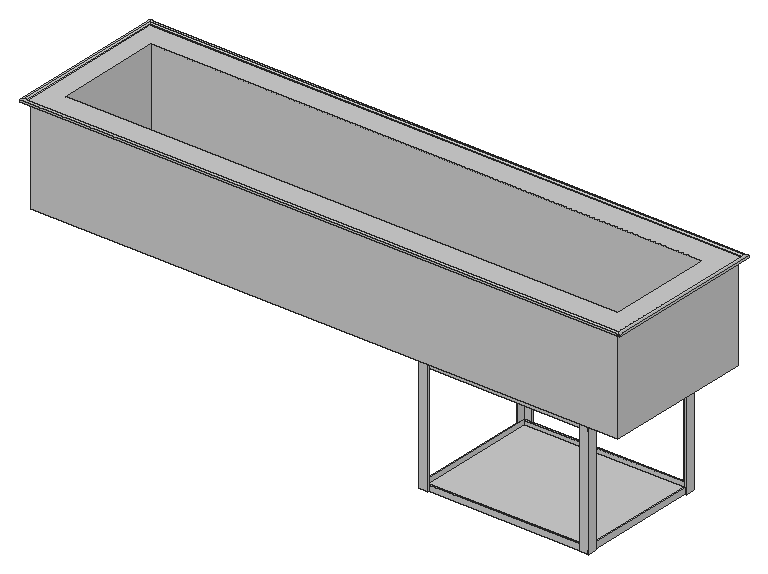
Revit family "QF_VOLLRATH_FC-4CSP-03120-N", category Specialty Equipment, Revit 2016
Family settings
  Part Type = Normal
  Round Connector Dimension = Use Diameter
  OmniClass Number = 23.40.40.14.24.14
  OmniClass Title = Service Line Equipment
  Work Plane-Based = Yes
  Always vertical = Yes
  Cut with Voids When Loaded = Yes
  Shared = No
  Room Calculation Point = No
Parameters (values of type "FC-4CSP-03120-N")
  Weight in Pounds = 138
  Watts = 384 W
  Waste Water Discharge Temperature [instance] = 0 °F
  Waste Remarks = ""
  Volts = 120 V
  URL Cutsheet = "www.vollrathfoodservice.com/downloads/211948/SPCNSF7RefrigSSL36191FC-4CSP-pdf"
  URL = "www.vollrathfoodservice.com"
  Status [instance] = ""
  Specification by User [instance] = ""
  Specification by Manufacturer = ""
  Serial Number = ""
  Seismic Rating = ""
  SMACNA No = ""
  Revision Code [instance] = ""
  Plumbing Remarks [instance] = ""
  Plumbing Connection Type [instance] = ""
  Phase = 1
  Number of Poles = 1
  NAFEM Spec ID Number = ""
  Model = "FC-4CSP-03120-N"
  Min Ckt Ampacity = 0 A
  Max Overcurrent Protection = 10 A
  Masterspec = ""
  Manufacturer = "VOLLRATH US"
  Item Number [instance] = ""
  Installed By [instance] = ""
  Identify Quantity as Lot [instance] = no
  HP = "0.5"
  Furnished By [instance] = ""
  Foodservice Equipment Identifier [instance] = yes
  FL Amps = 3.2 A
  Electrical Remarks [instance] = ""
  Electric Connection Type [instance] = "Plug&Receptacle"
  Elec Conn RI Height [instance] = 0"
  Elec Conn Connection Height [instance] = 0"
  Direct Waste Size = 1"
  Direct Waste RI Height = 0"
  Direct Waste Flow = 0 GPM
  Direct Waste Connection Height = 0"
  Description = "THREE-WELL 120-VOLT NSF 7-CERTIFIED SHORT-SIDE REFRIGERATED DROP-IN COLD WELL"
  Default Elevation = 0"
  Cycle = 60 Hz
  Conn Plug = "NEMA 5-15P"
  Conn Conduit [instance] = no
  CSI MasterFormat = ""
  Author = ""
  Assembly Code = "E1090320"
  Apparent Power = 384 VA
Reference planes (in)
  plane 1 "Back": y = 0
  plane 2: z = 0
  plane 3 "Left": x = 0
  plane 4 "Front": y = -18
  plane 5 "Top": z = -24
  plane 6 "Right": x = 66.875
Forms (in)
  Extrusion 1, solid
    sketch origin (0, 0, 0.683) x (1, 0, 0) y (0, 1, 0)
      loop
        line (64.59375, -3) -> (2.28125, -3) -> (2.28125, -15) -> (64.59375, -15) -> (64.59375, -3)
      loop
        circle (39.40934, -9) r 0.75
    from -11.375 to -10.305
  Extrusion 2, solid
    sketch origin (45.39434, -174.7345, -23.875) x (-1, 0, 0) y (0, -1, 0)
      loop
        line (1.953, -172.7345) -> (1.078, -172.7345) -> (1.078, -172.8595) -> (2.078, -172.8595) -> (2.078, -171.8595) -> (1.953, -171.8595) -> (1.953, -172.7345)
      loop
        line (-16.7345, -172.7345) -> (-16.7345, -171.8595) -> (-16.8595, -171.8595) -> (-16.8595, -172.8595) -> (-15.8595, -172.8595) -> (-15.8595, -172.7345) -> (-16.7345, -172.7345)
      loop
        line (1.953, -158.3285) -> (1.953, -159.2035) -> (2.078, -159.2035) -> (2.078, -158.2035) -> (1.078, -158.2035) -> (1.078, -158.3285) -> (1.953, -158.3285)
      loop
        line (-16.7345, -158.3285) -> (-15.8595, -158.3285) -> (-15.8595, -158.2035) -> (-16.8595, -158.2035) -> (-16.8595, -159.2035) -> (-16.7345, -159.2035) -> (-16.7345, -158.3285)
    from -0.125 to 13.183
  Extrusion 3, solid
    sketch origin (45.39434, -174.7345, -24) x (-1, 0, 0) y (0, -1, 0)
      loop
        line (1.953, -172.7345) -> (1.953, -158.3285) -> (-16.7345, -158.3285) -> (-16.7345, -172.7345) -> (1.953, -172.7345)
    from 0 to 0.125
  Extrusion 4, solid
    sketch origin (47.72184, -16.406, -23.875) x (1, 0, 0) y (0, 0, -1)
      loop
        line (-4.2805, -13.183) -> (14.407, -13.183) -> (14.407, -12.183) -> (-4.2805, -12.183) -> (-4.2805, -13.183)
    from 0 to 0.125
  Extrusion 5, solid
    sketch origin (47.72184, -2, -23.875) x (1, 0, 0) y (0, 0, 1)
      loop
        line (-4.2805, 13.183) -> (-4.2805, 12.183) -> (14.407, 12.183) -> (14.407, 13.183) -> (-4.2805, 13.183)
    from 0 to 0.125
  Extrusion 6, solid
    sketch origin (43.44134, -15.531, -23.875) x (0, -1, 0) y (0, 0, -1)
      loop
        line (0, -13.183) -> (0, -12.183) -> (-1.125, -12.183) -> (-1.125, -13.183) -> (0, -13.183)
      loop
        line (-12.656, -13.183) -> (-11.531, -13.183) -> (-11.531, -12.183) -> (-12.656, -12.183) -> (-12.656, -13.183)
    from 0 to -0.125
  Extrusion 7, void
    sketch origin (0, 0, 0) x (1, 0, 0) y (0, 1, 0)
      loop
        line (66.5, -0.34375) -> (0.375, -0.34375) -> (0.375, -17.65625) -> (66.5, -17.65625) -> (66.5, -0.34375)
    from 3.27425 to -24
  Extrusion 8, solid
    sketch origin (62.12884, -15.531, -23.875) x (0, -1, 0) y (0, 0, 1)
      loop
        line (0, 13.183) -> (-1.125, 13.183) -> (-1.125, 12.183) -> (0, 12.183) -> (0, 13.183)
      loop
        line (-12.656, 13.183) -> (-12.656, 12.183) -> (-11.531, 12.183) -> (-11.531, 13.183) -> (-12.656, 13.183)
    from 0 to -0.125
  Extrusion 9, solid
    sketch origin (0, 0, 0) x (1, 0, 0) y (0, 1, 0)
      loop
        line (66.25, -0.625) -> (0.625, -0.625) -> (0.625, -17.375) -> (66.25, -17.375) -> (66.25, -0.625)
      loop
        line (2.625, -3) -> (2.625, -15) -> (64.25, -15) -> (64.25, -3) -> (2.625, -3)
    from 0 to 0.14643
  Extrusion 10, solid
    sketch origin (0, 0, 0) x (1, 0, 0) y (0, 1, 0)
      loop
        line (0.625, -0.625) -> (0.625, -17.375) -> (66.25, -17.375) -> (66.25, -0.625) -> (0.625, -0.625)
      loop
        line (64.25, -15) -> (64.25, -3) -> (2.625, -3) -> (2.625, -15) -> (64.25, -15)
    from 0 to -10.692
  Extrusion 11, solid
    sketch origin (15.5, 0, 0) x (1, 0, 0) y (0, 1, 0)
      loop
        circle (23.90934, -9) r 0.75
      loop
        circle (23.90934, -9) r 0.5
    from -10.692 to -9.622
  Extrusion 12, solid
    sketch origin (20, 0, 0) x (1, 0, 0) y (0, 1, 0)
      loop
        line (23.44134, -16.406) -> (42.12884, -16.406) -> (42.12884, -2) -> (23.44134, -2) -> (23.44134, -16.406)
      loop
        line (42.00384, -2.125) -> (23.56634, -2.125) -> (23.56634, -16.281) -> (42.00384, -16.281) -> (42.00384, -2.125)
    from -23.875 to -23.375
  Sweep 13, solid
    path origin (0, 0, 0) x (1, 0, 0) y (0, 1, 0)
      loop
        line (0.34375, -0.34375) -> (0.34375, -17.65625) -> (66.53125, -17.65625) -> (66.53125, -0.34375) -> (0.34375, -0.34375)
    profile origin (33.4375, -0.34375, 0) x (0, 1, 0) y (0, 0, 1)
      loop
        line (0.34375, 0) -> (0.34375, 0.24548)
        arc (0.34375, 0.24548) -> (0.25632, 0.36797) -> (0.11207, 0.3251) r 0.12952
        line (0.11207, 0.3251) -> (0.00446, 0.18703)
        arc (0.00446, 0.18703) -> (-0.03241, 0.15713) -> (-0.07866, 0.14643) r 0.10539
        line (-0.07866, 0.14643) -> (-0.28125, 0.14643) -> (-0.28125, 0) -> (0.34375, 0)
  Extrusion 14, solid
    sketch origin (17.85975, 0, 0.75) x (1, 0, 0) y (0, 1, 0)
      loop
        circle (34.92534, -9.2035) r 0.25
    from -11.692 to -11.442
Cuts and joins
  joined: Extrusion 1, Extrusion 9, Extrusion 10, Sweep 13
  joined: Extrusion 3, Extrusion 12
Lines and regions (in)
  symbolic lines, style "200-EquipBorder-2D"
    curve 1: line (66.875, 0, 0) -> (0, 0, 0)
    curve 2: line (66.875, -18, 0) -> (66.875, 0, 0)
    curve 3: line (0, 0, 0) -> (0, -18, 0)
    curve 8: line (0, -18, 0) -> (66.875, -18, 0)
  symbolic lines, style "200-EquipInternal-2D"
    curve 4: line (64.25, -3, 0) -> (2.625, -3, 0)
    curve 5: line (64.25, -15, 0) -> (64.25, -3, 0)
    curve 6: line (2.625, -15, 0) -> (64.25, -15, 0)
    curve 7: line (2.625, -3, 0) -> (2.625, -15, 0)
    curve 9: circle (39.40934, -9, 0) r 0.5 normal (0, 0, 1)
    curve 10: circle (39.40934, -9, 0) r 0.75 normal (0, 0, 1)
Dimensions and locks (in)
  plane 3 "Left" to plane 6 "Right" = 66 7/8"
  plane 4 "Front" to plane 1 "Back" = 18"
  Extrusion 3 sketch curve to Extrusion 3 sketch curve = 18 11/16"
  level to plane 5 "Top" = 24"
  aligned and locked: level to plane 2
Connectors (in)
  piping at (39.40934, -9, -10.692), diameter 1, driven by "Direct Waste Flow", driven by "Direct Waste Size"
    settings: on cut or joined group of Extrusion 1, Extrusion 9, Extrusion 10, Sweep 13, index 1, connector inside diameter 24", connector length 0", flow factor 0, pipe flow 0 GPM, pressure drop 0.00 psi, fitting loss kfactor 0, connector angle 0.00°, fixture units 0, engagement length 0", angle of deflection 0.00°, flow configuration 1, flow direction 2, fitting loss method 0, system type 16, joint type 0, gender type 0, connector reference index -1, connector utility 0, adjustable connector no, is connector primary yes, connector description "Drain"
  electrical at (52.78509, -9.2035, -10.942), driven by "Number of Poles", driven by "Volts", driven by "Apparent Power"
    settings: on Extrusion 14, index 2, voltage 120 V, apparent load 0 VA, apparent load phase1 384 VA, apparent load phase2 0 VA, apparent load phase3 0 VA, power factor 1, load classification "Other", number of poles 1, system type 31, power factor state 1, is connector primary yes, connector utility no, sub classification motor no, connector description "Electrical connection"
